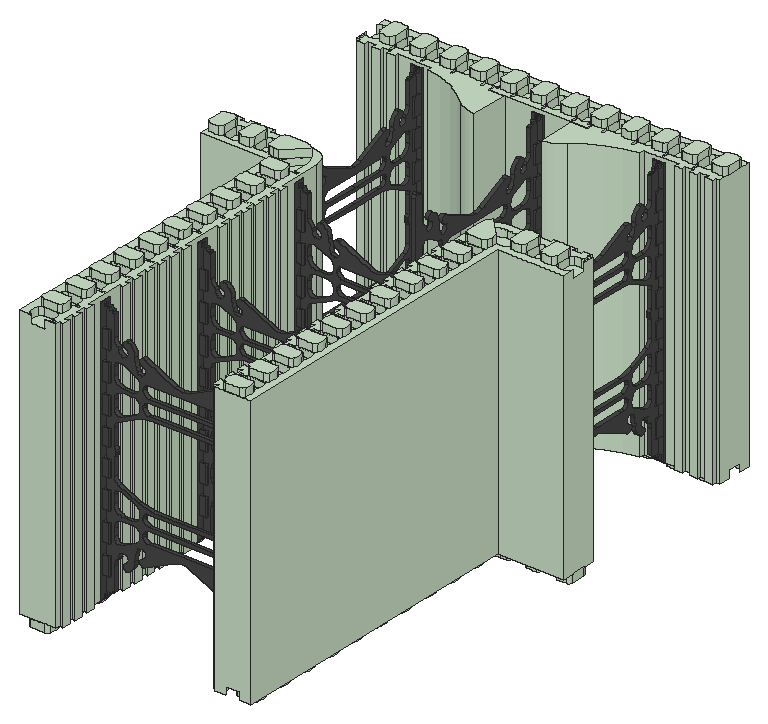
Revit family (continued)
Nested families (in)
  nested 75: "Interlock Tooth" at (1, -0.00002, -18.5) x (-1, 0, 0) z (0, 0, 1), type "Interlock Tooth"
  nested 76: "Interlock Tooth" at (3, -0.00002, -18.5) x (-1, 0, 0) z (0, 0, 1), type "Interlock Tooth"
  nested 77: "Interlock Tooth" at (0, -0.00002, 0) x (-1, 0, 0) z (0, 0, 1), type "Interlock Tooth"
  nested 78: "NUDURA Logo Diamond" at (21.99744, 5.625, 0) x (-1, 0, 0) z (0, 0, 1), type "NUDURA Logo Diamond"
  nested 79: "NUDURA Diamond Pattern" at (-11.25, -21.99998, 0) x (0, 1, 0) z (0, 0, 1), type "NUDURA Diamond Pattern"
  nested 80: "NUDURA Logo Diamond" at (-5.625, -14.00254, 0) x (0, -1, 0) z (0, 0, 1), type "NUDURA Logo Diamond"
  nested 81: "10-inch Insert Web" at (2, -25.99998, 0) x (0, 1, 0) z (0, 0, 1), type "10-inch Insert Web"
  nested 82: "10-inch Insert Web" at (2, -17.99998, 0) x (0, 1, 0) z (0, 0, 1), type "10-inch Insert Web"
  nested 83: "10-inch Insert Web" at (2, -9.99998, 0) x (0, 1, 0) z (0, 0, 1), type "10-inch Insert Web"
  nested 84: "10-inch Insert Web" at (-6, -1.99998, 0) x (-1, 0, 0) z (0, 0, 1), type "10-inch Insert Web"
  nested 85: "10-inch Insert Web" at (10, -1.99998, 0) x (-1, 0, 0) z (0, 0, 1), type "10-inch Insert Web"
  nested 86: "Interlock Tooth" at (14, -0.00002, 0) x (-1, 0, 0) z (0, 0, 1), type "Interlock Tooth"
  nested 87: "Interlock Tooth" at (13, -0.00002, -18.5) x (-1, 0, 0) z (0, 0, 1), type "Interlock Tooth"
  nested 88: "10-inch Insert Web w One Fastening Strip" at (2, -2, 0) x (-1, 0, 0) z (0, 0, 1), type "10-inch Insert Web w One Fastening Strip"
  nested 89: "NUDURA Diamond Pattern" at (5.99744, 0, 0) x (-1, 0, 0) z (0, 0, 1), type "NUDURA Diamond Pattern"
Definition of nested family "Interlock Tooth"
  Reference planes (in)
    plane 1 "Center (Front/Back)": y = 0
    plane 2: z = 0
    plane 3 "Center (Left/Right)": x = 0
    plane 4: z = 18
    plane 5: z = 18.5
    plane 6: z = -0.5
  Forms (in)
    Extrusion 1, solid, material "NUDURA Expanded Polystyrene Foam Insulation"
      sketch origin (0, -8.875, 0) x (1, 0, 0) y (0, 1, 0)
        loop
          arc (0, 3.97692) -> (0.04785, 3.82983) -> (0.17308, 3.73905) r 0.25
          arc (0.17308, 3.73905) -> (0.5, 3.6875) -> (0.82692, 3.73905) r 1.0625
          arc (0.82692, 3.73905) -> (0.95215, 3.82983) -> (1, 3.97692) r 0.25
          line (1, 3.97692) -> (1, 4.89808)
          arc (1, 4.89808) -> (0.95215, 5.04517) -> (0.82692, 5.13595) r 0.25
          arc (0.82692, 5.13595) -> (0.5, 5.1875) -> (0.17308, 5.13595) r 1.0625
          arc (0.17308, 5.13595) -> (0.04785, 5.04517) -> (0, 4.89808) r 0.25
          line (0, 4.89808) -> (0, 3.97692)
      from 18 to 18.5
  Dimensions and locks (in)
    locked: plane 4 to level at 18
    locked: plane 4 to plane 5 at 0.5
    locked: plane 6 to level at 0.5
Definition of nested family "10-inch Insert Web"
  Reference planes (in)
    plane 1 "Center (Front/Back)": y = 0
    plane 2: z = 0
    plane 3 "Center (Left/Right)": x = 0
  Forms (in)
    Extrusion 1, solid, material "High Density Polystyrene"
      sketch origin (0, 0, 0) x (0, 1, 0) y (0, 0, 1)
        loop
          line (5.25, 0) -> (5.25, 17.74583)
          arc (5.25, 17.74583) -> (5.22112, 17.72608) -> (5.21, 17.69292) r 0.055
          line (5.21, 17.69292) -> (5.21, 0.05292)
          arc (5.21, 0.05292) -> (5.22112, 0.01975) -> (5.25, 0) r 0.055
        loop
          arc (-5.25, 0) -> (-5.22112, 0.01975) -> (-5.21, 0.05292) r 0.055
          line (-5.21, 0.05292) -> (-5.21, 17.69292)
          arc (-5.21, 17.69292) -> (-5.22112, 17.72608) -> (-5.25, 17.74583) r 0.055
          line (-5.25, 17.74583) -> (-5.25, 0)
      from 0.36328 to -0.36328
    Extrusion 2, solid, material "High Density Polystyrene"
      sketch origin (0, 0, 0) x (0, 1, 0) y (0, 0, 1)
        loop
          arc (5.18889, 17.40785) -> (5.20374, 17.40241) -> (5.21, 17.38789) r 0.02
          line (5.21, 17.38789) -> (5.21, 17.63668)
          arc (5.21, 17.63668) -> (5.20585, 17.62147) -> (5.19457, 17.61045) r 0.03
          line (5.19457, 17.61045) -> (5.12543, 17.57204)
          arc (5.12543, 17.57204) -> (5.11414, 17.56103) -> (5.11, 17.54582) r 0.03
          line (5.11, 17.54582) -> (5.11, 17.42461)
          arc (5.11, 17.42461) -> (5.11625, 17.41008) -> (5.13111, 17.40464) r 0.02
          line (5.13111, 17.40464) -> (5.18889, 17.40785)
        loop
          line (-5.12543, 17.57204) -> (-5.19457, 17.61045)
          arc (-5.19457, 17.61045) -> (-5.20585, 17.62147) -> (-5.21, 17.63668) r 0.03
          line (-5.21, 17.63668) -> (-5.21, 17.38789)
          arc (-5.21, 17.38789) -> (-5.20374, 17.40241) -> (-5.18889, 17.40785) r 0.02
          line (-5.18889, 17.40785) -> (-5.13111, 17.40464)
          arc (-5.13111, 17.40464) -> (-5.11625, 17.41008) -> (-5.11, 17.42461) r 0.02
          line (-5.11, 17.42461) -> (-5.11, 17.54582)
          arc (-5.11, 17.54582) -> (-5.11414, 17.56103) -> (-5.12543, 17.57204) r 0.03
        loop
          line (5.18889, 0.33798) -> (5.13111, 0.34119)
          arc (5.13111, 0.34119) -> (5.11625, 0.33575) -> (5.11, 0.32122) r 0.02
          line (5.11, 0.32122) -> (5.11, 0.20001)
          arc (5.11, 0.20001) -> (5.11414, 0.1848) -> (5.12543, 0.17379) r 0.03
          line (5.12543, 0.17379) -> (5.19457, 0.13538)
          arc (5.19457, 0.13538) -> (5.20585, 0.12437) -> (5.21, 0.10915) r 0.03
          line (5.21, 0.10915) -> (5.21, 0.35795)
          arc (5.21, 0.35795) -> (5.20374, 0.34342) -> (5.18889, 0.33798) r 0.02
        loop
          arc (-5.12543, 0.17379) -> (-5.11414, 0.1848) -> (-5.11, 0.20001) r 0.03
          line (-5.11, 0.20001) -> (-5.11, 0.32122)
          arc (-5.11, 0.32122) -> (-5.11625, 0.33575) -> (-5.13111, 0.34119) r 0.02
          line (-5.13111, 0.34119) -> (-5.18889, 0.33798)
          arc (-5.18889, 0.33798) -> (-5.20374, 0.34342) -> (-5.21, 0.35795) r 0.02
          line (-5.21, 0.35795) -> (-5.21, 0.10915)
          arc (-5.21, 0.10915) -> (-5.20585, 0.12437) -> (-5.19457, 0.13538) r 0.03
          line (-5.19457, 0.13538) -> (-5.12543, 0.17379)
        loop
          line (5, 17.20772) -> (4.925, 17.43772)
          arc (4.925, 17.43772) -> (4.875, 17.46772) -> (4.825, 17.43772) r 0.05667
          line (4.825, 17.43772) -> (4.77609, 17.28772) -> (4.64893, 17.28772)
          arc (4.64893, 17.28772) -> (4.61433, 17.27339) -> (4.6, 17.2388) r 0.04893
          line (4.6, 17.2388) -> (4.6, 17.20772) -> (4.5, 17.20772) -> (4.5, 15.75595)
          arc (4.5, 15.75595) -> (4.43087, 15.489) -> (4.24086, 15.28915) r 0.55
          arc (4.24086, 15.28915) -> (4.19232, 15.23289) -> (4.1843, 15.15901) r 0.125
          arc (4.1843, 15.15901) -> (3.73923, 14.83241) -> (3.77171, 15.3835) r 0.305
          arc (3.77171, 15.3835) -> (3.89426, 15.66948) -> (3.60829, 15.79202) r 0.22
          arc (3.60829, 15.79202) -> (3.25428, 15.49683) -> (3.14171, 15.04986) r 0.745
          arc (3.14171, 15.04986) -> (3.09808, 14.63491) -> (2.96932, 14.23805) r 2
          arc (2.96932, 14.23805) -> (2.47025, 14.23431) -> (2.63581, 14.70513) r 0.305
          arc (2.63581, 14.70513) -> (2.78874, 15.03658) -> (2.43743, 15.1357) r 0.24
          line (2.43743, 15.1357) -> (0.5, 14.2255)
          arc (0.5, 14.2255) -> (0.25681, 14.13776) -> (0, 14.10798) r 1.12236
          arc (0, 14.10798) -> (-0.25681, 14.13776) -> (-0.5, 14.2255) r 1.12236
          line (-0.5, 14.2255) -> (-2.43743, 15.1357)
          arc (-2.43743, 15.1357) -> (-2.78874, 15.03658) -> (-2.63581, 14.70513) r 0.24
          arc (-2.63581, 14.70513) -> (-2.47025, 14.23431) -> (-2.96932, 14.23805) r 0.305
          arc (-2.96932, 14.23805) -> (-3.09808, 14.63491) -> (-3.14171, 15.04986) r 2
          arc (-3.14171, 15.04986) -> (-3.25428, 15.49683) -> (-3.60829, 15.79202) r 0.745
          arc (-3.60829, 15.79202) -> (-3.89426, 15.66948) -> (-3.77171, 15.3835) r 0.22
          arc (-3.77171, 15.3835) -> (-3.73923, 14.83241) -> (-4.1843, 15.15901) r 0.305
          arc (-4.1843, 15.15901) -> (-4.19232, 15.23289) -> (-4.24086, 15.28915) r 0.125
          arc (-4.24086, 15.28915) -> (-4.43087, 15.489) -> (-4.5, 15.75595) r 0.55
          line (-4.5, 15.75595) -> (-4.5, 17.20772) -> (-4.6, 17.20772) -> (-4.6, 17.2388)
          arc (-4.6, 17.2388) -> (-4.61433, 17.27339) -> (-4.64893, 17.28772) r 0.04893
          line (-4.64893, 17.28772) -> (-4.77609, 17.28772) -> (-4.825, 17.43772)
          arc (-4.825, 17.43772) -> (-4.875, 17.46772) -> (-4.925, 17.43772) r 0.05667
          line (-4.925, 17.43772) -> (-5, 17.20772) -> (-5, 0.66519) -> (-4.925, 0.43519)
          arc (-4.925, 0.43519) -> (-4.875, 0.40519) -> (-4.825, 0.43519) r 0.05667
          line (-4.825, 0.43519) -> (-4.77609, 0.58519) -> (-4.64893, 0.58519)
          arc (-4.64893, 0.58519) -> (-4.61433, 0.59952) -> (-4.6, 0.63412) r 0.04893
          line (-4.6, 0.63412) -> (-4.6, 0.66519) -> (-4.5, 0.66519) -> (-4.5, 2.24405)
          arc (-4.5, 2.24405) -> (-4.43087, 2.511) -> (-4.24086, 2.71085) r 0.55
          arc (-4.24086, 2.71085) -> (-4.19232, 2.76711) -> (-4.1843, 2.84099) r 0.125
          arc (-4.1843, 2.84099) -> (-3.73923, 3.16759) -> (-3.77171, 2.6165) r 0.305
          arc (-3.77171, 2.6165) -> (-3.89426, 2.33052) -> (-3.60829, 2.20798) r 0.22
          arc (-3.60829, 2.20798) -> (-3.25428, 2.50317) -> (-3.14171, 2.95014) r 0.745
          arc (-3.14171, 2.95014) -> (-3.09808, 3.36509) -> (-2.96932, 3.76195) r 2
          arc (-2.96932, 3.76195) -> (-2.47025, 3.76569) -> (-2.63581, 3.29487) r 0.305
          arc (-2.63581, 3.29487) -> (-2.78874, 2.96342) -> (-2.43743, 2.8643) r 0.24
          line (-2.43743, 2.8643) -> (-0.5, 3.7745)
          arc (-0.5, 3.7745) -> (-0.25681, 3.86224) -> (0, 3.89202) r 1.12236
          arc (0, 3.89202) -> (0.25681, 3.86224) -> (0.5, 3.7745) r 1.12236
          line (0.5, 3.7745) -> (2.43743, 2.8643)
          arc (2.43743, 2.8643) -> (2.78874, 2.96342) -> (2.63581, 3.29487) r 0.24
          arc (2.63581, 3.29487) -> (2.47025, 3.76569) -> (2.96932, 3.76195) r 0.305
          arc (2.96932, 3.76195) -> (3.09808, 3.36509) -> (3.14171, 2.95014) r 2
          arc (3.14171, 2.95014) -> (3.25428, 2.50317) -> (3.60829, 2.20798) r 0.745
          arc (3.60829, 2.20798) -> (3.89426, 2.33052) -> (3.77171, 2.6165) r 0.22
          arc (3.77171, 2.6165) -> (3.73923, 3.16759) -> (4.1843, 2.84099) r 0.305
          arc (4.1843, 2.84099) -> (4.19232, 2.76711) -> (4.24086, 2.71085) r 0.125
          arc (4.24086, 2.71085) -> (4.43087, 2.511) -> (4.5, 2.24405) r 0.55
          line (4.5, 2.24405) -> (4.5, 0.66519) -> (4.6, 0.66519) -> (4.6, 0.63412)
          arc (4.6, 0.63412) -> (4.61433, 0.59952) -> (4.64893, 0.58519) r 0.04893
          line (4.64893, 0.58519) -> (4.77609, 0.58519) -> (4.825, 0.43519)
          arc (4.825, 0.43519) -> (4.875, 0.40519) -> (4.925, 0.43519) r 0.05667
          line (4.925, 0.43519) -> (5, 0.66519) -> (5, 17.20772)
        loop
          line (0, 13.70798) -> (-2.02401, 13.70798)
          arc (-2.02401, 13.70798) -> (-2.16288, 13.71227) -> (-2.30123, 13.72512) r 2.25
          arc (-2.30123, 13.72512) -> (-2.48146, 13.58635) -> (-2.6, 13.39222) r 0.62421
          line (-2.6, 13.39222) -> (-2.6, 13.26627)
          arc (-2.6, 13.26627) -> (-2.45481, 13.03646) -> (-2.225, 12.89127) r 0.61747
          line (-2.225, 12.89127) -> (0, 12.89127) -> (2.225, 12.89127)
          arc (2.225, 12.89127) -> (2.45481, 13.03646) -> (2.6, 13.26627) r 0.61747
          line (2.6, 13.26627) -> (2.6, 13.39222)
          arc (2.6, 13.39222) -> (2.48146, 13.58635) -> (2.30123, 13.72512) r 0.62421
          arc (2.30123, 13.72512) -> (2.16288, 13.71227) -> (2.02401, 13.70798) r 2.25
          line (2.02401, 13.70798) -> (0, 13.70798)
        loop
          line (0, 12.71127) -> (-2.22579, 12.71127)
          arc (-2.22579, 12.71127) -> (-2.4551, 12.56606) -> (-2.6, 12.33655) r 0.61747
          line (-2.6, 12.33655) -> (-2.6, 12.21055)
          arc (-2.6, 12.21055) -> (-2.48148, 12.01645) -> (-2.3013, 11.87769) r 0.62421
          arc (-2.3013, 11.87769) -> (-2.16251, 11.89062) -> (-2.02319, 11.89494) r 2.25
          line (-2.02319, 11.89494) -> (0, 11.89494) -> (2.02319, 11.89494)
          arc (2.02319, 11.89494) -> (2.16251, 11.89062) -> (2.3013, 11.87769) r 2.25
          arc (2.3013, 11.87769) -> (2.48148, 12.01645) -> (2.6, 12.21055) r 0.62421
          line (2.6, 12.21055) -> (2.6, 12.33655)
          arc (2.6, 12.33655) -> (2.4551, 12.56606) -> (2.22579, 12.71127) r 0.61747
          line (2.22579, 12.71127) -> (0, 12.71127)
        loop
          line (3.08806, 11.63079) -> (3.96605, 11.21989)
          arc (3.96605, 11.21989) -> (4.32627, 11.24313) -> (4.5, 11.55954) r 0.375
          line (4.5, 11.55954) -> (4.5, 12.08627)
          arc (4.5, 12.08627) -> (4.31694, 12.52821) -> (3.875, 12.71127) r 0.625
          line (3.875, 12.71127) -> (3.3, 12.71127)
          arc (3.3, 12.71127) -> (2.94645, 12.56482) -> (2.8, 12.21127) r 0.5
          line (2.8, 12.21127) -> (2.8, 12.08365)
          arc (2.8, 12.08365) -> (2.87812, 11.81529) -> (3.08806, 11.63079) r 0.5
        loop
          line (4.5, 13.51627) -> (4.5, 14.04299)
          arc (4.5, 14.04299) -> (4.32627, 14.35941) -> (3.96605, 14.38264) r 0.375
          line (3.96605, 14.38264) -> (3.08806, 13.97174)
          arc (3.08806, 13.97174) -> (2.87812, 13.78724) -> (2.8, 13.51888) r 0.5
          line (2.8, 13.51888) -> (2.8, 13.39127)
          arc (2.8, 13.39127) -> (2.94645, 13.03771) -> (3.3, 12.89127) r 0.5
          line (3.3, 12.89127) -> (3.875, 12.89127)
          arc (3.875, 12.89127) -> (4.31694, 13.07433) -> (4.5, 13.51627) r 0.625
        loop
          line (4.21194, 10.90608) -> (2.95372, 11.49492)
          arc (2.95372, 11.49492) -> (2.48851, 11.65338) -> (2, 11.70705) r 2.25
          line (2, 11.70705) -> (0, 11.70705) -> (-2, 11.70705)
          arc (-2, 11.70705) -> (-2.48851, 11.65338) -> (-2.95372, 11.49492) r 2.25
          line (-2.95372, 11.49492) -> (-4.21194, 10.90608)
          arc (-4.21194, 10.90608) -> (-4.42188, 10.72158) -> (-4.5, 10.45322) r 0.5
          line (-4.5, 10.45322) -> (-4.5, 9.31235) -> (-4.38, 9.11235) -> (-4.38, 9) -> (-4.38, 8.88765) -> (-4.5, 8.68765) -> (-4.5, 7.54678)
          arc (-4.5, 7.54678) -> (-4.42188, 7.27842) -> (-4.21194, 7.09392) r 0.5
          line (-4.21194, 7.09392) -> (-2.95372, 6.50508)
          arc (-2.95372, 6.50508) -> (-2.48851, 6.34662) -> (-2, 6.29295) r 2.25
          line (-2, 6.29295) -> (0, 6.29295) -> (2, 6.29295)
          arc (2, 6.29295) -> (2.48851, 6.34662) -> (2.95372, 6.50508) r 2.25
          line (2.95372, 6.50508) -> (4.21194, 7.09392)
          arc (4.21194, 7.09392) -> (4.42188, 7.27842) -> (4.5, 7.54678) r 0.5
          line (4.5, 7.54678) -> (4.5, 8.68765) -> (4.38, 8.88765) -> (4.38, 9) -> (4.38, 9.11235) -> (4.5, 9.31235) -> (4.5, 10.45322)
          arc (4.5, 10.45322) -> (4.42188, 10.72158) -> (4.21194, 10.90608) r 0.5
        loop
          arc (-3.08806, 11.63079) -> (-2.87812, 11.81529) -> (-2.8, 12.08365) r 0.5
          line (-2.8, 12.08365) -> (-2.8, 12.21127)
          arc (-2.8, 12.21127) -> (-2.94645, 12.56482) -> (-3.3, 12.71127) r 0.5
          line (-3.3, 12.71127) -> (-3.875, 12.71127)
          arc (-3.875, 12.71127) -> (-4.31694, 12.52821) -> (-4.5, 12.08627) r 0.625
          line (-4.5, 12.08627) -> (-4.5, 11.55954)
          arc (-4.5, 11.55954) -> (-4.32627, 11.24313) -> (-3.96605, 11.21989) r 0.375
          line (-3.96605, 11.21989) -> (-3.08806, 11.63079)
        loop
          arc (-4.5, 13.51627) -> (-4.31694, 13.07433) -> (-3.875, 12.89127) r 0.625
          line (-3.875, 12.89127) -> (-3.3, 12.89127)
          arc (-3.3, 12.89127) -> (-2.94645, 13.03771) -> (-2.8, 13.39127) r 0.5
          line (-2.8, 13.39127) -> (-2.8, 13.51888)
          arc (-2.8, 13.51888) -> (-2.87812, 13.78724) -> (-3.08806, 13.97174) r 0.5
          line (-3.08806, 13.97174) -> (-3.96605, 14.38264)
          arc (-3.96605, 14.38264) -> (-4.32627, 14.35941) -> (-4.5, 14.04299) r 0.375
          line (-4.5, 14.04299) -> (-4.5, 13.51627)
        loop
          line (0, 4.29202) -> (2.02401, 4.29202)
          arc (2.02401, 4.29202) -> (2.16288, 4.28773) -> (2.30123, 4.27488) r 2.25
          arc (2.30123, 4.27488) -> (2.48146, 4.41365) -> (2.6, 4.60778) r 0.62421
          line (2.6, 4.60778) -> (2.6, 4.73373)
          arc (2.6, 4.73373) -> (2.45481, 4.96354) -> (2.225, 5.10873) r 0.61747
          line (2.225, 5.10873) -> (0, 5.10873) -> (-2.225, 5.10873)
          arc (-2.225, 5.10873) -> (-2.45481, 4.96354) -> (-2.6, 4.73373) r 0.61747
          line (-2.6, 4.73373) -> (-2.6, 4.60778)
          arc (-2.6, 4.60778) -> (-2.48146, 4.41365) -> (-2.30123, 4.27488) r 0.62421
          arc (-2.30123, 4.27488) -> (-2.16288, 4.28773) -> (-2.02401, 4.29202) r 2.25
          line (-2.02401, 4.29202) -> (0, 4.29202)
        loop
          line (0, 5.28873) -> (2.22579, 5.28873)
          arc (2.22579, 5.28873) -> (2.4551, 5.43394) -> (2.6, 5.66345) r 0.61747
          line (2.6, 5.66345) -> (2.6, 5.78945)
          arc (2.6, 5.78945) -> (2.48148, 5.98355) -> (2.3013, 6.12231) r 0.62421
          arc (2.3013, 6.12231) -> (2.16251, 6.10938) -> (2.02319, 6.10506) r 2.25
          line (2.02319, 6.10506) -> (0, 6.10506) -> (-2.02319, 6.10506)
          arc (-2.02319, 6.10506) -> (-2.16251, 6.10938) -> (-2.3013, 6.12231) r 2.25
          arc (-2.3013, 6.12231) -> (-2.48148, 5.98355) -> (-2.6, 5.78945) r 0.62421
          line (-2.6, 5.78945) -> (-2.6, 5.66345)
          arc (-2.6, 5.66345) -> (-2.4551, 5.43394) -> (-2.22579, 5.28873) r 0.61747
          line (-2.22579, 5.28873) -> (0, 5.28873)
        loop
          arc (3.08806, 6.36921) -> (2.87812, 6.18471) -> (2.8, 5.91635) r 0.5
          line (2.8, 5.91635) -> (2.8, 5.78873)
          arc (2.8, 5.78873) -> (2.94645, 5.43518) -> (3.3, 5.28873) r 0.5
          line (3.3, 5.28873) -> (3.875, 5.28873)
          arc (3.875, 5.28873) -> (4.31694, 5.47179) -> (4.5, 5.91373) r 0.625
          line (4.5, 5.91373) -> (4.5, 6.44046)
          arc (4.5, 6.44046) -> (4.32627, 6.75687) -> (3.96605, 6.78011) r 0.375
          line (3.96605, 6.78011) -> (3.08806, 6.36921)
        loop
          arc (4.5, 4.48373) -> (4.31694, 4.92567) -> (3.875, 5.10873) r 0.625
          line (3.875, 5.10873) -> (3.3, 5.10873)
          arc (3.3, 5.10873) -> (2.94645, 4.96229) -> (2.8, 4.60873) r 0.5
          line (2.8, 4.60873) -> (2.8, 4.48112)
          arc (2.8, 4.48112) -> (2.87812, 4.21276) -> (3.08806, 4.02826) r 0.5
          line (3.08806, 4.02826) -> (3.96605, 3.61736)
          arc (3.96605, 3.61736) -> (4.32627, 3.64059) -> (4.5, 3.95701) r 0.375
          line (4.5, 3.95701) -> (4.5, 4.48373)
        loop
          line (-3.08806, 6.36921) -> (-3.96605, 6.78011)
          arc (-3.96605, 6.78011) -> (-4.32627, 6.75687) -> (-4.5, 6.44046) r 0.375
          line (-4.5, 6.44046) -> (-4.5, 5.91373)
          arc (-4.5, 5.91373) -> (-4.31694, 5.47179) -> (-3.875, 5.28873) r 0.625
          line (-3.875, 5.28873) -> (-3.3, 5.28873)
          arc (-3.3, 5.28873) -> (-2.94645, 5.43518) -> (-2.8, 5.78873) r 0.5
          line (-2.8, 5.78873) -> (-2.8, 5.91635)
          arc (-2.8, 5.91635) -> (-2.87812, 6.18471) -> (-3.08806, 6.36921) r 0.5
        loop
          line (-4.5, 4.48373) -> (-4.5, 3.95701)
          arc (-4.5, 3.95701) -> (-4.32627, 3.64059) -> (-3.96605, 3.61736) r 0.375
          line (-3.96605, 3.61736) -> (-3.08806, 4.02826)
          arc (-3.08806, 4.02826) -> (-2.87812, 4.21276) -> (-2.8, 4.48112) r 0.5
          line (-2.8, 4.48112) -> (-2.8, 4.60873)
          arc (-2.8, 4.60873) -> (-2.94645, 4.96229) -> (-3.3, 5.10873) r 0.5
          line (-3.3, 5.10873) -> (-3.875, 5.10873)
          arc (-3.875, 5.10873) -> (-4.31694, 4.92567) -> (-4.5, 4.48373) r 0.625
      from 0.125 to -0.125
    Extrusion 3, solid, material "High Density Polystyrene"
      sketch origin (0, 0, 0) x (0, 1, 0) y (0, 0, 1)
        loop
          line (5.21, 16.17792) -> (4.71, 16.17792) -> (4.71, 14.97792) -> (5.21, 14.97792) -> (5.21, 16.17792)
        loop
          line (5.21, 14.22792) -> (4.71, 14.22792) -> (4.71, 13.02792) -> (5.21, 13.02792) -> (5.21, 14.22792)
        loop
          line (5.21, 12.27792) -> (4.71, 12.27792) -> (4.71, 11.07792) -> (5.21, 11.07792) -> (5.21, 12.27792)
        loop
          line (5.21, 10.32792) -> (4.71, 10.32792) -> (4.71, 9.24792) -> (5.21, 9.24792) -> (5.21, 10.32792)
        loop
          line (5.21, 8.49792) -> (4.71, 8.49792) -> (4.71, 7.41792) -> (5.21, 7.41792) -> (5.21, 8.49792)
        loop
          line (5.21, 6.66792) -> (4.71, 6.66792) -> (4.71, 5.46792) -> (5.21, 5.46792) -> (5.21, 6.66792)
        loop
          line (5.21, 4.71792) -> (4.71, 4.71792) -> (4.71, 3.51792) -> (5.21, 3.51792) -> (5.21, 4.71792)
        loop
          line (5.21, 2.76792) -> (4.71, 2.76792) -> (4.71, 1.56792) -> (5.21, 1.56792) -> (5.21, 2.76792)
        loop
          line (-5.21, 16.17792) -> (-5.21, 14.97792) -> (-4.71, 14.97792) -> (-4.71, 16.17792) -> (-5.21, 16.17792)
        loop
          line (-5.21, 14.22792) -> (-5.21, 13.02792) -> (-4.71, 13.02792) -> (-4.71, 14.22792) -> (-5.21, 14.22792)
        loop
          line (-5.21, 12.27792) -> (-5.21, 11.07792) -> (-4.71, 11.07792) -> (-4.71, 12.27792) -> (-5.21, 12.27792)
        loop
          line (-5.21, 10.32792) -> (-5.21, 9.24792) -> (-4.71, 9.24792) -> (-4.71, 10.32792) -> (-5.21, 10.32792)
        loop
          line (-5.21, 8.49792) -> (-5.21, 7.41792) -> (-4.71, 7.41792) -> (-4.71, 8.49792) -> (-5.21, 8.49792)
        loop
          line (-5.21, 6.66792) -> (-5.21, 5.46792) -> (-4.71, 5.46792) -> (-4.71, 6.66792) -> (-5.21, 6.66792)
        loop
          line (-5.21, 4.71792) -> (-5.21, 3.51792) -> (-4.71, 3.51792) -> (-4.71, 4.71792) -> (-5.21, 4.71792)
        loop
          line (-5.21, 2.76792) -> (-5.21, 1.56792) -> (-4.71, 1.56792) -> (-4.71, 2.76792) -> (-5.21, 2.76792)
      from 0.25 to -0.25
    Extrusion 4, void
      sketch origin (0, 2, 0) x (1, 0, 0) y (0, 1, 0)
        loop
          line (-0.25, 2.79249) -> (-0.25, 2.71) -> (-0.1675, 2.71)
          arc (-0.1675, 2.71) -> (-0.22584, 2.73416) -> (-0.25, 2.79249) r 0.0825
      from 0 to 18
    Extrusion 5, void
      sketch origin (0, 2, 0) x (-1, 0, 0) y (0, -1, 0)
        loop
          arc (-0.25, -2.79249) -> (-0.22584, -2.73416) -> (-0.1675, -2.71) r 0.0825
          line (-0.1675, -2.71) -> (-0.25, -2.71) -> (-0.25, -2.79249)
      from 0 to 18
    Extrusion 6, void
      sketch origin (0, -2, 0) x (1, 0, 0) y (0, 1, 0)
        loop
          arc (-0.25, -2.79249) -> (-0.22584, -2.73416) -> (-0.1675, -2.71) r 0.0825
          line (-0.1675, -2.71) -> (-0.25, -2.71) -> (-0.25, -2.79249)
      from 0 to 18
    Extrusion 7, void
      sketch origin (0, -2, 0) x (-1, 0, 0) y (0, -1, 0)
        loop
          line (-0.25, 2.79249) -> (-0.25, 2.71) -> (-0.1675, 2.71)
          arc (-0.1675, 2.71) -> (-0.22584, 2.73416) -> (-0.25, 2.79249) r 0.0825
      from 0 to 18
  Cuts and joins
    Extrusion 4, Extrusion 5, Extrusion 6, Extrusion 7 cuts Extrusion 1
    Extrusion 4, Extrusion 5, Extrusion 6, Extrusion 7 cuts Extrusion 3
Definition of nested family "10-inch Insert Web w One Fastening Strip"
  Reference planes (in)
    plane 1 "Center (Front/Back)": y = 0
    plane 2: z = 0
    plane 3 "Center (Left/Right)": x = 0
  Forms (in)
    Extrusion 1, solid, material "High Density Polystyrene"
      sketch origin (0, 0, 0) x (0, 1, 0) y (0, 0, 1)
        loop
          arc (-5.25, 0) -> (-5.22112, 0.01975) -> (-5.21, 0.05292) r 0.055
          line (-5.21, 0.05292) -> (-5.21, 17.69292)
          arc (-5.21, 17.69292) -> (-5.22112, 17.72608) -> (-5.25, 17.74583) r 0.055
          line (-5.25, 17.74583) -> (-5.25, 0)
      from 0.36328 to -0.36328
    Extrusion 2, solid, material "High Density Polystyrene"
      sketch origin (0, 0, 0) x (0, 1, 0) y (0, 0, 1)
        loop
          line (-5.12543, 17.57204) -> (-5.19457, 17.61045)
          arc (-5.19457, 17.61045) -> (-5.20585, 17.62147) -> (-5.21, 17.63668) r 0.03
          line (-5.21, 17.63668) -> (-5.21, 17.38789)
          arc (-5.21, 17.38789) -> (-5.20374, 17.40241) -> (-5.18889, 17.40785) r 0.02
          line (-5.18889, 17.40785) -> (-5.13111, 17.40464)
          arc (-5.13111, 17.40464) -> (-5.11625, 17.41008) -> (-5.11, 17.42461) r 0.02
          line (-5.11, 17.42461) -> (-5.11, 17.54582)
          arc (-5.11, 17.54582) -> (-5.11414, 17.56103) -> (-5.12543, 17.57204) r 0.03
        loop
          arc (-5.12543, 0.17379) -> (-5.11414, 0.1848) -> (-5.11, 0.20001) r 0.03
          line (-5.11, 0.20001) -> (-5.11, 0.32122)
          arc (-5.11, 0.32122) -> (-5.11625, 0.33575) -> (-5.13111, 0.34119) r 0.02
          line (-5.13111, 0.34119) -> (-5.18889, 0.33798)
          arc (-5.18889, 0.33798) -> (-5.20374, 0.34342) -> (-5.21, 0.35795) r 0.02
          line (-5.21, 0.35795) -> (-5.21, 0.10915)
          arc (-5.21, 0.10915) -> (-5.20585, 0.12437) -> (-5.19457, 0.13538) r 0.03
          line (-5.19457, 0.13538) -> (-5.12543, 0.17379)
        loop
          line (5, 17.20772) -> (4.925, 17.43772)
          arc (4.925, 17.43772) -> (4.875, 17.46772) -> (4.825, 17.43772) r 0.05667
          line (4.825, 17.43772) -> (4.77609, 17.28772) -> (4.64893, 17.28772)
          arc (4.64893, 17.28772) -> (4.61433, 17.27339) -> (4.6, 17.2388) r 0.04893
          line (4.6, 17.2388) -> (4.6, 17.20772) -> (4.5, 17.20772) -> (4.5, 15.75595)
          arc (4.5, 15.75595) -> (4.43087, 15.489) -> (4.24086, 15.28915) r 0.55
          arc (4.24086, 15.28915) -> (4.19232, 15.23289) -> (4.1843, 15.15901) r 0.125
          arc (4.1843, 15.15901) -> (3.73923, 14.83241) -> (3.77171, 15.3835) r 0.305
          arc (3.77171, 15.3835) -> (3.89426, 15.66948) -> (3.60829, 15.79202) r 0.22
          arc (3.60829, 15.79202) -> (3.25428, 15.49683) -> (3.14171, 15.04986) r 0.745
          arc (3.14171, 15.04986) -> (3.09808, 14.63491) -> (2.96932, 14.23805) r 2
          arc (2.96932, 14.23805) -> (2.47025, 14.23431) -> (2.63581, 14.70513) r 0.305
          arc (2.63581, 14.70513) -> (2.78874, 15.03658) -> (2.43743, 15.1357) r 0.24
          line (2.43743, 15.1357) -> (0.5, 14.2255)
          arc (0.5, 14.2255) -> (0.25681, 14.13776) -> (0, 14.10798) r 1.12236
          arc (0, 14.10798) -> (-0.25681, 14.13776) -> (-0.5, 14.2255) r 1.12236
          line (-0.5, 14.2255) -> (-2.43743, 15.1357)
          arc (-2.43743, 15.1357) -> (-2.78874, 15.03658) -> (-2.63581, 14.70513) r 0.24
          arc (-2.63581, 14.70513) -> (-2.47025, 14.23431) -> (-2.96932, 14.23805) r 0.305
          arc (-2.96932, 14.23805) -> (-3.09808, 14.63491) -> (-3.14171, 15.04986) r 2
          arc (-3.14171, 15.04986) -> (-3.25428, 15.49683) -> (-3.60829, 15.79202) r 0.745
          arc (-3.60829, 15.79202) -> (-3.89426, 15.66948) -> (-3.77171, 15.3835) r 0.22
          arc (-3.77171, 15.3835) -> (-3.73923, 14.83241) -> (-4.1843, 15.15901) r 0.305
          arc (-4.1843, 15.15901) -> (-4.19232, 15.23289) -> (-4.24086, 15.28915) r 0.125
          arc (-4.24086, 15.28915) -> (-4.43087, 15.489) -> (-4.5, 15.75595) r 0.55
          line (-4.5, 15.75595) -> (-4.5, 17.20772) -> (-4.6, 17.20772) -> (-4.6, 17.2388)
          arc (-4.6, 17.2388) -> (-4.61433, 17.27339) -> (-4.64893, 17.28772) r 0.04893
          line (-4.64893, 17.28772) -> (-4.77609, 17.28772) -> (-4.825, 17.43772)
          arc (-4.825, 17.43772) -> (-4.875, 17.46772) -> (-4.925, 17.43772) r 0.05667
          line (-4.925, 17.43772) -> (-5, 17.20772) -> (-5, 0.66519) -> (-4.925, 0.43519)
          arc (-4.925, 0.43519) -> (-4.875, 0.40519) -> (-4.825, 0.43519) r 0.05667
          line (-4.825, 0.43519) -> (-4.77609, 0.58519) -> (-4.64893, 0.58519)
          arc (-4.64893, 0.58519) -> (-4.61433, 0.59952) -> (-4.6, 0.63412) r 0.04893
          line (-4.6, 0.63412) -> (-4.6, 0.66519) -> (-4.5, 0.66519) -> (-4.5, 2.24405)
          arc (-4.5, 2.24405) -> (-4.43087, 2.511) -> (-4.24086, 2.71085) r 0.55
          arc (-4.24086, 2.71085) -> (-4.19232, 2.76711) -> (-4.1843, 2.84099) r 0.125
          arc (-4.1843, 2.84099) -> (-3.73923, 3.16759) -> (-3.77171, 2.6165) r 0.305
          arc (-3.77171, 2.6165) -> (-3.89426, 2.33052) -> (-3.60829, 2.20798) r 0.22
          arc (-3.60829, 2.20798) -> (-3.25428, 2.50317) -> (-3.14171, 2.95014) r 0.745
          arc (-3.14171, 2.95014) -> (-3.09808, 3.36509) -> (-2.96932, 3.76195) r 2
          arc (-2.96932, 3.76195) -> (-2.47025, 3.76569) -> (-2.63581, 3.29487) r 0.305
          arc (-2.63581, 3.29487) -> (-2.78874, 2.96342) -> (-2.43743, 2.8643) r 0.24
          line (-2.43743, 2.8643) -> (-0.5, 3.7745)
          arc (-0.5, 3.7745) -> (-0.25681, 3.86224) -> (0, 3.89202) r 1.12236
          arc (0, 3.89202) -> (0.25681, 3.86224) -> (0.5, 3.7745) r 1.12236
          line (0.5, 3.7745) -> (2.43743, 2.8643)
          arc (2.43743, 2.8643) -> (2.78874, 2.96342) -> (2.63581, 3.29487) r 0.24
          arc (2.63581, 3.29487) -> (2.47025, 3.76569) -> (2.96932, 3.76195) r 0.305
          arc (2.96932, 3.76195) -> (3.09808, 3.36509) -> (3.14171, 2.95014) r 2
          arc (3.14171, 2.95014) -> (3.25428, 2.50317) -> (3.60829, 2.20798) r 0.745
          arc (3.60829, 2.20798) -> (3.89426, 2.33052) -> (3.77171, 2.6165) r 0.22
          arc (3.77171, 2.6165) -> (3.73923, 3.16759) -> (4.1843, 2.84099) r 0.305
          arc (4.1843, 2.84099) -> (4.19232, 2.76711) -> (4.24086, 2.71085) r 0.125
          arc (4.24086, 2.71085) -> (4.43087, 2.511) -> (4.5, 2.24405) r 0.55
          line (4.5, 2.24405) -> (4.5, 0.66519) -> (4.6, 0.66519) -> (4.6, 0.63412)
          arc (4.6, 0.63412) -> (4.61433, 0.59952) -> (4.64893, 0.58519) r 0.04893
          line (4.64893, 0.58519) -> (4.77609, 0.58519) -> (4.825, 0.43519)
          arc (4.825, 0.43519) -> (4.875, 0.40519) -> (4.925, 0.43519) r 0.05667
          line (4.925, 0.43519) -> (5, 0.66519) -> (5, 17.20772)
        loop
          line (0, 13.70798) -> (-2.02401, 13.70798)
          arc (-2.02401, 13.70798) -> (-2.16288, 13.71227) -> (-2.30123, 13.72512) r 2.25
          arc (-2.30123, 13.72512) -> (-2.48146, 13.58635) -> (-2.6, 13.39222) r 0.62421
          line (-2.6, 13.39222) -> (-2.6, 13.26627)
          arc (-2.6, 13.26627) -> (-2.45481, 13.03646) -> (-2.225, 12.89127) r 0.61747
          line (-2.225, 12.89127) -> (0, 12.89127) -> (2.225, 12.89127)
          arc (2.225, 12.89127) -> (2.45481, 13.03646) -> (2.6, 13.26627) r 0.61747
          line (2.6, 13.26627) -> (2.6, 13.39222)
          arc (2.6, 13.39222) -> (2.48146, 13.58635) -> (2.30123, 13.72512) r 0.62421
          arc (2.30123, 13.72512) -> (2.16288, 13.71227) -> (2.02401, 13.70798) r 2.25
          line (2.02401, 13.70798) -> (0, 13.70798)
        loop
          line (0, 12.71127) -> (-2.22579, 12.71127)
          arc (-2.22579, 12.71127) -> (-2.4551, 12.56606) -> (-2.6, 12.33655) r 0.61747
          line (-2.6, 12.33655) -> (-2.6, 12.21055)
          arc (-2.6, 12.21055) -> (-2.48148, 12.01645) -> (-2.3013, 11.87769) r 0.62421
          arc (-2.3013, 11.87769) -> (-2.16251, 11.89062) -> (-2.02319, 11.89494) r 2.25
          line (-2.02319, 11.89494) -> (0, 11.89494) -> (2.02319, 11.89494)
          arc (2.02319, 11.89494) -> (2.16251, 11.89062) -> (2.3013, 11.87769) r 2.25
          arc (2.3013, 11.87769) -> (2.48148, 12.01645) -> (2.6, 12.21055) r 0.62421
          line (2.6, 12.21055) -> (2.6, 12.33655)
          arc (2.6, 12.33655) -> (2.4551, 12.56606) -> (2.22579, 12.71127) r 0.61747
          line (2.22579, 12.71127) -> (0, 12.71127)
        loop
          line (3.08806, 11.63079) -> (3.96605, 11.21989)
          arc (3.96605, 11.21989) -> (4.32627, 11.24313) -> (4.5, 11.55954) r 0.375
          line (4.5, 11.55954) -> (4.5, 12.08627)
          arc (4.5, 12.08627) -> (4.31694, 12.52821) -> (3.875, 12.71127) r 0.625
          line (3.875, 12.71127) -> (3.3, 12.71127)
          arc (3.3, 12.71127) -> (2.94645, 12.56482) -> (2.8, 12.21127) r 0.5
          line (2.8, 12.21127) -> (2.8, 12.08365)
          arc (2.8, 12.08365) -> (2.87812, 11.81529) -> (3.08806, 11.63079) r 0.5
        loop
          line (4.5, 13.51627) -> (4.5, 14.04299)
          arc (4.5, 14.04299) -> (4.32627, 14.35941) -> (3.96605, 14.38264) r 0.375
          line (3.96605, 14.38264) -> (3.08806, 13.97174)
          arc (3.08806, 13.97174) -> (2.87812, 13.78724) -> (2.8, 13.51888) r 0.5
          line (2.8, 13.51888) -> (2.8, 13.39127)
          arc (2.8, 13.39127) -> (2.94645, 13.03771) -> (3.3, 12.89127) r 0.5
          line (3.3, 12.89127) -> (3.875, 12.89127)
          arc (3.875, 12.89127) -> (4.31694, 13.07433) -> (4.5, 13.51627) r 0.625
        loop
          line (4.21194, 10.90608) -> (2.95372, 11.49492)
          arc (2.95372, 11.49492) -> (2.48851, 11.65338) -> (2, 11.70705) r 2.25
          line (2, 11.70705) -> (0, 11.70705) -> (-2, 11.70705)
          arc (-2, 11.70705) -> (-2.48851, 11.65338) -> (-2.95372, 11.49492) r 2.25
          line (-2.95372, 11.49492) -> (-4.21194, 10.90608)
          arc (-4.21194, 10.90608) -> (-4.42188, 10.72158) -> (-4.5, 10.45322) r 0.5
          line (-4.5, 10.45322) -> (-4.5, 9.31235) -> (-4.38, 9.11235) -> (-4.38, 9) -> (-4.38, 8.88765) -> (-4.5, 8.68765) -> (-4.5, 7.54678)
          arc (-4.5, 7.54678) -> (-4.42188, 7.27842) -> (-4.21194, 7.09392) r 0.5
          line (-4.21194, 7.09392) -> (-2.95372, 6.50508)
          arc (-2.95372, 6.50508) -> (-2.48851, 6.34662) -> (-2, 6.29295) r 2.25
          line (-2, 6.29295) -> (0, 6.29295) -> (2, 6.29295)
          arc (2, 6.29295) -> (2.48851, 6.34662) -> (2.95372, 6.50508) r 2.25
          line (2.95372, 6.50508) -> (4.21194, 7.09392)
          arc (4.21194, 7.09392) -> (4.42188, 7.27842) -> (4.5, 7.54678) r 0.5
          line (4.5, 7.54678) -> (4.5, 8.68765) -> (4.38, 8.88765) -> (4.38, 9) -> (4.38, 9.11235) -> (4.5, 9.31235) -> (4.5, 10.45322)
          arc (4.5, 10.45322) -> (4.42188, 10.72158) -> (4.21194, 10.90608) r 0.5
        loop
          arc (-3.08806, 11.63079) -> (-2.87812, 11.81529) -> (-2.8, 12.08365) r 0.5
          line (-2.8, 12.08365) -> (-2.8, 12.21127)
          arc (-2.8, 12.21127) -> (-2.94645, 12.56482) -> (-3.3, 12.71127) r 0.5
          line (-3.3, 12.71127) -> (-3.875, 12.71127)
          arc (-3.875, 12.71127) -> (-4.31694, 12.52821) -> (-4.5, 12.08627) r 0.625
          line (-4.5, 12.08627) -> (-4.5, 11.55954)
          arc (-4.5, 11.55954) -> (-4.32627, 11.24313) -> (-3.96605, 11.21989) r 0.375
          line (-3.96605, 11.21989) -> (-3.08806, 11.63079)
        loop
          arc (-4.5, 13.51627) -> (-4.31694, 13.07433) -> (-3.875, 12.89127) r 0.625
          line (-3.875, 12.89127) -> (-3.3, 12.89127)
          arc (-3.3, 12.89127) -> (-2.94645, 13.03771) -> (-2.8, 13.39127) r 0.5
          line (-2.8, 13.39127) -> (-2.8, 13.51888)
          arc (-2.8, 13.51888) -> (-2.87812, 13.78724) -> (-3.08806, 13.97174) r 0.5
          line (-3.08806, 13.97174) -> (-3.96605, 14.38264)
          arc (-3.96605, 14.38264) -> (-4.32627, 14.35941) -> (-4.5, 14.04299) r 0.375
          line (-4.5, 14.04299) -> (-4.5, 13.51627)
        loop
          line (0, 4.29202) -> (2.02401, 4.29202)
          arc (2.02401, 4.29202) -> (2.16288, 4.28773) -> (2.30123, 4.27488) r 2.25
          arc (2.30123, 4.27488) -> (2.48146, 4.41365) -> (2.6, 4.60778) r 0.62421
          line (2.6, 4.60778) -> (2.6, 4.73373)
          arc (2.6, 4.73373) -> (2.45481, 4.96354) -> (2.225, 5.10873) r 0.61747
          line (2.225, 5.10873) -> (0, 5.10873) -> (-2.225, 5.10873)
          arc (-2.225, 5.10873) -> (-2.45481, 4.96354) -> (-2.6, 4.73373) r 0.61747
          line (-2.6, 4.73373) -> (-2.6, 4.60778)
          arc (-2.6, 4.60778) -> (-2.48146, 4.41365) -> (-2.30123, 4.27488) r 0.62421
          arc (-2.30123, 4.27488) -> (-2.16288, 4.28773) -> (-2.02401, 4.29202) r 2.25
          line (-2.02401, 4.29202) -> (0, 4.29202)
        loop
          line (0, 5.28873) -> (2.22579, 5.28873)
          arc (2.22579, 5.28873) -> (2.4551, 5.43394) -> (2.6, 5.66345) r 0.61747
          line (2.6, 5.66345) -> (2.6, 5.78945)
          arc (2.6, 5.78945) -> (2.48148, 5.98355) -> (2.3013, 6.12231) r 0.62421
          arc (2.3013, 6.12231) -> (2.16251, 6.10938) -> (2.02319, 6.10506) r 2.25
          line (2.02319, 6.10506) -> (0, 6.10506) -> (-2.02319, 6.10506)
          arc (-2.02319, 6.10506) -> (-2.16251, 6.10938) -> (-2.3013, 6.12231) r 2.25
          arc (-2.3013, 6.12231) -> (-2.48148, 5.98355) -> (-2.6, 5.78945) r 0.62421
          line (-2.6, 5.78945) -> (-2.6, 5.66345)
          arc (-2.6, 5.66345) -> (-2.4551, 5.43394) -> (-2.22579, 5.28873) r 0.61747
          line (-2.22579, 5.28873) -> (0, 5.28873)
        loop
          arc (3.08806, 6.36921) -> (2.87812, 6.18471) -> (2.8, 5.91635) r 0.5
          line (2.8, 5.91635) -> (2.8, 5.78873)
          arc (2.8, 5.78873) -> (2.94645, 5.43518) -> (3.3, 5.28873) r 0.5
          line (3.3, 5.28873) -> (3.875, 5.28873)
          arc (3.875, 5.28873) -> (4.31694, 5.47179) -> (4.5, 5.91373) r 0.625
          line (4.5, 5.91373) -> (4.5, 6.44046)
          arc (4.5, 6.44046) -> (4.32627, 6.75687) -> (3.96605, 6.78011) r 0.375
          line (3.96605, 6.78011) -> (3.08806, 6.36921)
        loop
          arc (4.5, 4.48373) -> (4.31694, 4.92567) -> (3.875, 5.10873) r 0.625
          line (3.875, 5.10873) -> (3.3, 5.10873)
          arc (3.3, 5.10873) -> (2.94645, 4.96229) -> (2.8, 4.60873) r 0.5
          line (2.8, 4.60873) -> (2.8, 4.48112)
          arc (2.8, 4.48112) -> (2.87812, 4.21276) -> (3.08806, 4.02826) r 0.5
          line (3.08806, 4.02826) -> (3.96605, 3.61736)
          arc (3.96605, 3.61736) -> (4.32627, 3.64059) -> (4.5, 3.95701) r 0.375
          line (4.5, 3.95701) -> (4.5, 4.48373)
        loop
          line (-3.08806, 6.36921) -> (-3.96605, 6.78011)
          arc (-3.96605, 6.78011) -> (-4.32627, 6.75687) -> (-4.5, 6.44046) r 0.375
          line (-4.5, 6.44046) -> (-4.5, 5.91373)
          arc (-4.5, 5.91373) -> (-4.31694, 5.47179) -> (-3.875, 5.28873) r 0.625
          line (-3.875, 5.28873) -> (-3.3, 5.28873)
          arc (-3.3, 5.28873) -> (-2.94645, 5.43518) -> (-2.8, 5.78873) r 0.5
          line (-2.8, 5.78873) -> (-2.8, 5.91635)
          arc (-2.8, 5.91635) -> (-2.87812, 6.18471) -> (-3.08806, 6.36921) r 0.5
        loop
          line (-4.5, 4.48373) -> (-4.5, 3.95701)
          arc (-4.5, 3.95701) -> (-4.32627, 3.64059) -> (-3.96605, 3.61736) r 0.375
          line (-3.96605, 3.61736) -> (-3.08806, 4.02826)
          arc (-3.08806, 4.02826) -> (-2.87812, 4.21276) -> (-2.8, 4.48112) r 0.5
          line (-2.8, 4.48112) -> (-2.8, 4.60873)
          arc (-2.8, 4.60873) -> (-2.94645, 4.96229) -> (-3.3, 5.10873) r 0.5
          line (-3.3, 5.10873) -> (-3.875, 5.10873)
          arc (-3.875, 5.10873) -> (-4.31694, 4.92567) -> (-4.5, 4.48373) r 0.625
      from 0.125 to -0.125
    Extrusion 3, solid, material "High Density Polystyrene"
      sketch origin (0, 0, 0) x (0, 1, 0) y (0, 0, 1)
        loop
          line (-5.21, 16.17792) -> (-5.21, 14.97792) -> (-4.71, 14.97792) -> (-4.71, 16.17792) -> (-5.21, 16.17792)
        loop
          line (-5.21, 14.22792) -> (-5.21, 13.02792) -> (-4.71, 13.02792) -> (-4.71, 14.22792) -> (-5.21, 14.22792)
        loop
          line (-5.21, 12.27792) -> (-5.21, 11.07792) -> (-4.71, 11.07792) -> (-4.71, 12.27792) -> (-5.21, 12.27792)
        loop
          line (-5.21, 10.32792) -> (-5.21, 9.24792) -> (-4.71, 9.24792) -> (-4.71, 10.32792) -> (-5.21, 10.32792)
        loop
          line (-5.21, 8.49792) -> (-5.21, 7.41792) -> (-4.71, 7.41792) -> (-4.71, 8.49792) -> (-5.21, 8.49792)
        loop
          line (-5.21, 6.66792) -> (-5.21, 5.46792) -> (-4.71, 5.46792) -> (-4.71, 6.66792) -> (-5.21, 6.66792)
        loop
          line (-5.21, 4.71792) -> (-5.21, 3.51792) -> (-4.71, 3.51792) -> (-4.71, 4.71792) -> (-5.21, 4.71792)
        loop
          line (-5.21, 2.76792) -> (-5.21, 1.56792) -> (-4.71, 1.56792) -> (-4.71, 2.76792) -> (-5.21, 2.76792)
      from 0.25 to -0.25
    Extrusion 4, void
      sketch origin (0, -2, 0) x (1, 0, 0) y (0, 1, 0)
        loop
          arc (-0.25, -2.79249) -> (-0.22584, -2.73416) -> (-0.1675, -2.71) r 0.0825
          line (-0.1675, -2.71) -> (-0.25, -2.71) -> (-0.25, -2.79249)
      from 0 to 18
    Extrusion 5, void
      sketch origin (0, -2, 0) x (-1, 0, 0) y (0, -1, 0)
        loop
          line (-0.25, 2.79249) -> (-0.25, 2.71) -> (-0.1675, 2.71)
          arc (-0.1675, 2.71) -> (-0.22584, 2.73416) -> (-0.25, 2.79249) r 0.0825
      from 0 to 18
  Cuts and joins
    Extrusion 4, Extrusion 5 cuts Extrusion 1
    Extrusion 4, Extrusion 5 cuts Extrusion 3
Definition of nested family "NUDURA Diamond Pattern"
  Reference planes (in)
    plane 1 "Center (Front/Back)": y = 0
    plane 2: z = 0
    plane 3 "Center (Left/Right)": x = 0
    plane 4: z = 18
  Lines and regions (in)
    model lines
      curve 1: line (8, -5.625, 18) -> (8, -5.625, 0)
      curve 2: line (6, -5.625, 18) -> (6, -5.625, 0)
      curve 3: line (2, -5.625, 18) -> (2, -5.625, 0)
      curve 4: line (3.35367, -5.625, 16.98484) -> (3.69709, -5.625, 16.64142)
      curve 5: arc (3.35367, -5.625, 17.51517) -> (3.24384, -5.625, 17.25) -> (3.35367, -5.625, 16.98484) r 0.375
      curve 6: line (3.72867, -5.625, 17.89017) -> (3.35367, -5.625, 17.51517)
      curve 7: arc (4.259, -5.625, 17.89017) -> (3.99384, -5.625, 18) -> (3.72867, -5.625, 17.89017) r 0.375
      curve 8: line (4.634, -5.625, 17.51517) -> (4.259, -5.625, 17.89017)
      curve 9: arc (4.634, -5.625, 16.98484) -> (4.74384, -5.625, 17.25) -> (4.634, -5.625, 17.51517) r 0.375
      curve 10: line (4.29059, -5.625, 16.64142) -> (4.634, -5.625, 16.98484)
      curve 11: arc (4.17062, -5.625, 17.80178) -> (3.99384, -5.625, 17.875) -> (3.81706, -5.625, 17.80178) r 0.25
      curve 12: line (4.54562, -5.625, 17.42678) -> (4.17062, -5.625, 17.80178)
      curve 13: arc (4.54562, -5.625, 17.07322) -> (4.61884, -5.625, 17.25) -> (4.54562, -5.625, 17.42678) r 0.25
      curve 14: line (4.17062, -5.625, 16.69822) -> (4.54562, -5.625, 17.07322)
      curve 15: arc (3.81706, -5.625, 16.69822) -> (3.99384, -5.625, 16.625) -> (4.17062, -5.625, 16.69822) r 0.25
      curve 16: line (3.44206, -5.625, 17.07322) -> (3.81706, -5.625, 16.69822)
      curve 17: arc (3.44206, -5.625, 17.42678) -> (3.36884, -5.625, 17.25) -> (3.44206, -5.625, 17.07322) r 0.25
      curve 18: line (3.81706, -5.625, 17.80178) -> (3.44206, -5.625, 17.42678)
      curve 19: arc (3.69709, -5.625, 16.35858) -> (3.75567, -5.625, 16.5) -> (3.69709, -5.625, 16.64142) r 0.2
      curve 20: line (4.634, -5.625, 16.01517) -> (4.29059, -5.625, 16.35858)
      curve 21: arc (4.634, -5.625, 15.48484) -> (4.74384, -5.625, 15.75) -> (4.634, -5.625, 16.01517) r 0.375
      curve 22: line (4.29059, -5.625, 15.14142) -> (4.634, -5.625, 15.48484)
      curve 23: line (3.35367, -5.625, 15.48484) -> (3.69709, -5.625, 15.14142)
      curve 24: arc (3.35367, -5.625, 16.01517) -> (3.24384, -5.625, 15.75) -> (3.35367, -5.625, 15.48484) r 0.375
      curve 25: line (3.69709, -5.625, 16.35858) -> (3.35367, -5.625, 16.01517)
      curve 26: arc (4.17062, -5.625, 16.30178) -> (3.99384, -5.625, 16.375) -> (3.81706, -5.625, 16.30178) r 0.25
      curve 27: line (3.81706, -5.625, 16.30178) -> (3.44206, -5.625, 15.92678)
      curve 28: arc (3.44206, -5.625, 15.92678) -> (3.36884, -5.625, 15.75) -> (3.44206, -5.625, 15.57322) r 0.25
      curve 29: line (3.44206, -5.625, 15.57322) -> (3.81706, -5.625, 15.19822)
      curve 30: arc (3.81706, -5.625, 15.19822) -> (3.99384, -5.625, 15.125) -> (4.17062, -5.625, 15.19822) r 0.25
      curve 31: line (4.17062, -5.625, 15.19822) -> (4.54562, -5.625, 15.57322)
      curve 32: arc (4.54562, -5.625, 15.57322) -> (4.61884, -5.625, 15.75) -> (4.54562, -5.625, 15.92678) r 0.25
      curve 33: line (4.54562, -5.625, 15.92678) -> (4.17062, -5.625, 16.30178)
      curve 34: arc (3.69709, -5.625, 14.85858) -> (3.75567, -5.625, 15) -> (3.69709, -5.625, 15.14142) r 0.2
      curve 35: line (4.634, -5.625, 14.51517) -> (4.29059, -5.625, 14.85858)
      curve 36: arc (4.634, -5.625, 13.98484) -> (4.74384, -5.625, 14.25) -> (4.634, -5.625, 14.51517) r 0.375
      curve 37: line (4.29059, -5.625, 13.64142) -> (4.634, -5.625, 13.98484)
      curve 38: line (3.35367, -5.625, 13.98484) -> (3.69709, -5.625, 13.64142)
      curve 39: arc (3.35367, -5.625, 14.51517) -> (3.24384, -5.625, 14.25) -> (3.35367, -5.625, 13.98484) r 0.375
      curve 40: line (3.69709, -5.625, 14.85858) -> (3.35367, -5.625, 14.51517)
      curve 41: arc (4.17062, -5.625, 14.80178) -> (3.99384, -5.625, 14.875) -> (3.81706, -5.625, 14.80178) r 0.25
      curve 42: line (3.81706, -5.625, 14.80178) -> (3.44206, -5.625, 14.42678)
      curve 43: arc (3.44206, -5.625, 14.42678) -> (3.36884, -5.625, 14.25) -> (3.44206, -5.625, 14.07322) r 0.25
      curve 44: line (3.44206, -5.625, 14.07322) -> (3.81706, -5.625, 13.69822)
      curve 45: arc (3.81706, -5.625, 13.69822) -> (3.99384, -5.625, 13.625) -> (4.17062, -5.625, 13.69822) r 0.25
      curve 46: line (4.17062, -5.625, 13.69822) -> (4.54562, -5.625, 14.07322)
      curve 47: arc (4.54562, -5.625, 14.07322) -> (4.61884, -5.625, 14.25) -> (4.54562, -5.625, 14.42678) r 0.25
      curve 48: line (4.54562, -5.625, 14.42678) -> (4.17062, -5.625, 14.80178)
      curve 49: arc (3.69709, -5.625, 13.35858) -> (3.75567, -5.625, 13.5) -> (3.69709, -5.625, 13.64142) r 0.2
      curve 50: line (4.634, -5.625, 13.01517) -> (4.29059, -5.625, 13.35858)
      curve 51: arc (4.634, -5.625, 12.48484) -> (4.74384, -5.625, 12.75) -> (4.634, -5.625, 13.01517) r 0.375
      curve 52: line (4.29059, -5.625, 12.14142) -> (4.634, -5.625, 12.48484)
      curve 53: line (3.35367, -5.625, 12.48484) -> (3.69709, -5.625, 12.14142)
      curve 54: arc (3.35367, -5.625, 13.01517) -> (3.24384, -5.625, 12.75) -> (3.35367, -5.625, 12.48484) r 0.375
      curve 55: line (3.69709, -5.625, 13.35858) -> (3.35367, -5.625, 13.01517)
      curve 56: arc (4.17062, -5.625, 13.30178) -> (3.99384, -5.625, 13.375) -> (3.81706, -5.625, 13.30178) r 0.25
      curve 57: line (3.81706, -5.625, 13.30178) -> (3.44206, -5.625, 12.92678)
      curve 58: arc (3.44206, -5.625, 12.92678) -> (3.36884, -5.625, 12.75) -> (3.44206, -5.625, 12.57322) r 0.25
      curve 59: line (3.44206, -5.625, 12.57322) -> (3.81706, -5.625, 12.19822)
      curve 60: arc (3.81706, -5.625, 12.19822) -> (3.99384, -5.625, 12.125) -> (4.17062, -5.625, 12.19822) r 0.25
      curve 61: line (4.17062, -5.625, 12.19822) -> (4.54562, -5.625, 12.57322)
      curve 62: arc (4.54562, -5.625, 12.57322) -> (4.61884, -5.625, 12.75) -> (4.54562, -5.625, 12.92678) r 0.25
      curve 63: line (4.54562, -5.625, 12.92678) -> (4.17062, -5.625, 13.30178)
      curve 64: arc (3.69709, -5.625, 11.85858) -> (3.75567, -5.625, 12) -> (3.69709, -5.625, 12.14142) r 0.2
      curve 65: line (4.634, -5.625, 11.51517) -> (4.29059, -5.625, 11.85858)
      curve 66: arc (4.634, -5.625, 10.98484) -> (4.74384, -5.625, 11.25) -> (4.634, -5.625, 11.51517) r 0.375
      curve 67: line (4.29059, -5.625, 10.64142) -> (4.634, -5.625, 10.98484)
      curve 68: line (3.35367, -5.625, 10.98484) -> (3.69709, -5.625, 10.64142)
      curve 69: arc (3.35367, -5.625, 11.51517) -> (3.24384, -5.625, 11.25) -> (3.35367, -5.625, 10.98484) r 0.375
      curve 70: line (3.69709, -5.625, 11.85858) -> (3.35367, -5.625, 11.51517)
      curve 71: arc (4.17062, -5.625, 11.80178) -> (3.99384, -5.625, 11.875) -> (3.81706, -5.625, 11.80178) r 0.25
      curve 72: line (3.81706, -5.625, 11.80178) -> (3.44206, -5.625, 11.42678)
      curve 73: arc (3.44206, -5.625, 11.42678) -> (3.36884, -5.625, 11.25) -> (3.44206, -5.625, 11.07322) r 0.25
      curve 74: line (3.44206, -5.625, 11.07322) -> (3.81706, -5.625, 10.69822)
      curve 75: arc (3.81706, -5.625, 10.69822) -> (3.99384, -5.625, 10.625) -> (4.17062, -5.625, 10.69822) r 0.25
      curve 76: line (4.17062, -5.625, 10.69822) -> (4.54562, -5.625, 11.07322)
      curve 77: arc (4.54562, -5.625, 11.07322) -> (4.61884, -5.625, 11.25) -> (4.54562, -5.625, 11.42678) r 0.25
      curve 78: line (4.54562, -5.625, 11.42678) -> (4.17062, -5.625, 11.80178)
      curve 79: arc (3.69709, -5.625, 10.35858) -> (3.75567, -5.625, 10.5) -> (3.69709, -5.625, 10.64142) r 0.2
      curve 80: line (4.634, -5.625, 10.01517) -> (4.29059, -5.625, 10.35858)
      curve 81: arc (4.634, -5.625, 9.48484) -> (4.74384, -5.625, 9.75) -> (4.634, -5.625, 10.01517) r 0.375
      curve 82: line (4.29059, -5.625, 9.14142) -> (4.634, -5.625, 9.48484)
      curve 83: line (3.35367, -5.625, 9.48484) -> (3.69709, -5.625, 9.14142)
      curve 84: arc (3.35367, -5.625, 10.01517) -> (3.24384, -5.625, 9.75) -> (3.35367, -5.625, 9.48484) r 0.375
      curve 85: line (3.69709, -5.625, 10.35858) -> (3.35367, -5.625, 10.01517)
      curve 86: arc (4.17062, -5.625, 10.30178) -> (3.99384, -5.625, 10.375) -> (3.81706, -5.625, 10.30178) r 0.25
      curve 87: line (3.81706, -5.625, 10.30178) -> (3.44206, -5.625, 9.92678)
      curve 88: arc (3.44206, -5.625, 9.92678) -> (3.36884, -5.625, 9.75) -> (3.44206, -5.625, 9.57322) r 0.25
      curve 89: line (3.44206, -5.625, 9.57322) -> (3.81706, -5.625, 9.19822)
      curve 90: arc (3.81706, -5.625, 9.19822) -> (3.99384, -5.625, 9.125) -> (4.17062, -5.625, 9.19822) r 0.25
      curve 91: line (4.17062, -5.625, 9.19822) -> (4.54562, -5.625, 9.57322)
      curve 92: arc (4.54562, -5.625, 9.57322) -> (4.61884, -5.625, 9.75) -> (4.54562, -5.625, 9.92678) r 0.25
      curve 93: line (4.54562, -5.625, 9.92678) -> (4.17062, -5.625, 10.30178)
      curve 94: arc (3.69709, -5.625, 8.85858) -> (3.75567, -5.625, 9) -> (3.69709, -5.625, 9.14142) r 0.2
      curve 95: line (4.634, -5.625, 8.51517) -> (4.29059, -5.625, 8.85858)
      curve 96: arc (4.634, -5.625, 7.98484) -> (4.74384, -5.625, 8.25) -> (4.634, -5.625, 8.51517) r 0.375
      curve 97: line (4.29059, -5.625, 7.64142) -> (4.634, -5.625, 7.98484)
      curve 98: line (3.35367, -5.625, 7.98484) -> (3.69709, -5.625, 7.64142)
      curve 99: arc (3.35367, -5.625, 8.51517) -> (3.24384, -5.625, 8.25) -> (3.35367, -5.625, 7.98484) r 0.375
      curve 100: line (3.69709, -5.625, 8.85858) -> (3.35367, -5.625, 8.51517)
      curve 101: arc (4.17062, -5.625, 8.80178) -> (3.99384, -5.625, 8.875) -> (3.81706, -5.625, 8.80178) r 0.25
      curve 102: line (3.81706, -5.625, 8.80178) -> (3.44206, -5.625, 8.42678)
      curve 103: arc (3.44206, -5.625, 8.42678) -> (3.36884, -5.625, 8.25) -> (3.44206, -5.625, 8.07322) r 0.25
      curve 104: line (3.44206, -5.625, 8.07322) -> (3.81706, -5.625, 7.69822)
      curve 105: arc (3.81706, -5.625, 7.69822) -> (3.99384, -5.625, 7.625) -> (4.17062, -5.625, 7.69822) r 0.25
      curve 106: line (4.17062, -5.625, 7.69822) -> (4.54562, -5.625, 8.07322)
      curve 107: arc (4.54562, -5.625, 8.07322) -> (4.61884, -5.625, 8.25) -> (4.54562, -5.625, 8.42678) r 0.25
      curve 108: line (4.54562, -5.625, 8.42678) -> (4.17062, -5.625, 8.80178)
      curve 109: arc (3.69709, -5.625, 7.35858) -> (3.75567, -5.625, 7.5) -> (3.69709, -5.625, 7.64142) r 0.2
      curve 110: line (4.634, -5.625, 7.01517) -> (4.29059, -5.625, 7.35858)
      curve 111: arc (4.634, -5.625, 6.48484) -> (4.74384, -5.625, 6.75) -> (4.634, -5.625, 7.01517) r 0.375
      curve 112: line (4.29059, -5.625, 6.14142) -> (4.634, -5.625, 6.48484)
      curve 113: line (3.35367, -5.625, 6.48484) -> (3.69709, -5.625, 6.14142)
      curve 114: arc (3.35367, -5.625, 7.01517) -> (3.24384, -5.625, 6.75) -> (3.35367, -5.625, 6.48484) r 0.375
      curve 115: line (3.69709, -5.625, 7.35858) -> (3.35367, -5.625, 7.01517)
      curve 116: arc (4.17062, -5.625, 7.30178) -> (3.99384, -5.625, 7.375) -> (3.81706, -5.625, 7.30178) r 0.25
      curve 117: line (3.81706, -5.625, 7.30178) -> (3.44206, -5.625, 6.92678)
      curve 118: arc (3.44206, -5.625, 6.92678) -> (3.36884, -5.625, 6.75) -> (3.44206, -5.625, 6.57322) r 0.25
      curve 119: line (3.44206, -5.625, 6.57322) -> (3.81706, -5.625, 6.19822)
      curve 120: arc (3.81706, -5.625, 6.19822) -> (3.99384, -5.625, 6.125) -> (4.17062, -5.625, 6.19822) r 0.25
      curve 121: line (4.17062, -5.625, 6.19822) -> (4.54562, -5.625, 6.57322)
      curve 122: arc (4.54562, -5.625, 6.57322) -> (4.61884, -5.625, 6.75) -> (4.54562, -5.625, 6.92678) r 0.25
      curve 123: line (4.54562, -5.625, 6.92678) -> (4.17062, -5.625, 7.30178)
      curve 124: arc (3.69709, -5.625, 5.85858) -> (3.75567, -5.625, 6) -> (3.69709, -5.625, 6.14142) r 0.2
      curve 125: line (4.634, -5.625, 5.51517) -> (4.29059, -5.625, 5.85858)
      curve 126: arc (4.634, -5.625, 4.98484) -> (4.74384, -5.625, 5.25) -> (4.634, -5.625, 5.51517) r 0.375
      curve 127: line (4.29059, -5.625, 4.64142) -> (4.634, -5.625, 4.98484)
      curve 128: line (3.35367, -5.625, 4.98484) -> (3.69709, -5.625, 4.64142)
      curve 129: arc (3.35367, -5.625, 5.51517) -> (3.24384, -5.625, 5.25) -> (3.35367, -5.625, 4.98484) r 0.375
